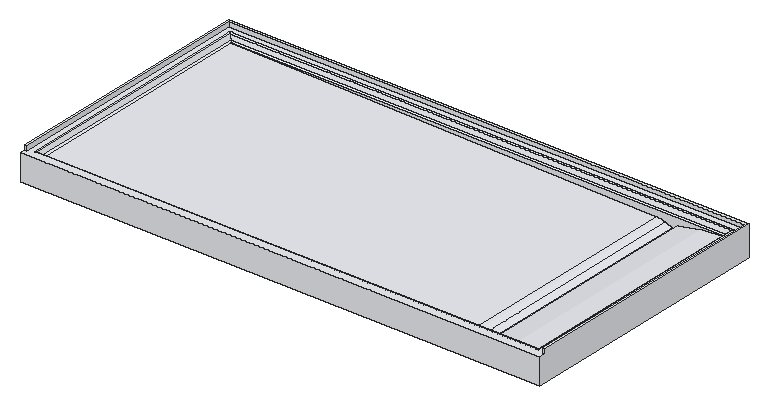
Revit family "Shower_Bases-American_Standard-Townsend-6030SMLHOL_RHOL", category Plumbing Fixtures, Revit 2014
Parameters (values of type "6030SMLHOL")
  Width = 60"  # constant formula
  Weight (kg) = "50.5 Kg. (111 Lbs.)"  # constant formula
  Waste Location = 4"
  Waste Connection Diameter = 3 1/4"  # constant formula
  Waste Connection = yes
  Warranty Information = "Limited Lifetime Warranty"  # constant formula
  WFU = 3
  Vent Connection = no
  URL = "https://www.americanstandard-us.com/"
  L/R = 0.00°
  Drain Line = 5.50476"
  Product Page URL = "https://www.americanstandard-us.com/bathroom/shower-bases/townsend-60-x-30-inch-solid-surface-shower-base-left-drain-33568"
  Product Documentation Link = "https://www.americanstandard-us.com/-/media/sites/asus/files/product-specs/shower-bases/2018/solid-surface-shower-bases/specsheet-6030smlhol--6030smrhol.pdf?la=en"
  Price = "Prices may vary. Please consult Manufacturer Representative for most up-to-date price list."  # constant formula
  Model = "6030SMLHOL"
  Manufacturer = "American Standard"  # constant formula
  Description = "Townsend® 60\" X 30\" Shower Base Solid Surface Left Side Drain"
  Assembly Code = "D2010700"
  Material = "Solid Surface-American Standard-White"
  Length = 30"  # constant formula
  Installation Type = "Floor Mounted"  # constant formula
  HWFU = 1.5
  HW Connection = no
  Finish = Solid Surface-American Standard-White
  Default Elevation = 0"
  Creation Date = "5/11/2018"  # constant formula
  CWFU = 1.5
  CW Connection = no
Types (3): name | Waste Location | L/R | Drain Line | Product Page URL | Model | Description | Assembly Code | CW Connection
  (no name) | 4" | 0.00° | 5.50476" | "https://www.americanstandard-us.com/bathroom/shower-bases/townsend-60-x-30-inch-solid-surface-shower-base-left-drain-33568" | "6030SMLHOL" | "Townsend® 60\" X 30\" Shower Base Solid Surface Left Side Drain" | "D2010700" | no
  6030SMLHOL | 4" | 0.00° | 5.50476" | "https://www.americanstandard-us.com/bathroom/shower-bases/townsend-60-x-30-inch-solid-surface-shower-base-left-drain-33568" | "6030SMLHOL" | "Townsend® 60\" X 30\" Shower Base Solid Surface Left Side Drain" | "D2010700" | no
  6030SMRHOL | 56" | 180.00° | 51.62976" | "https://www.americanstandard-us.com/bathroom/shower-bases/townsend-60x30-inch-solid-surface-shower-base-right-drain-33667" | "6030SMRHOL" | "Townsend® 60\" X 30\" Shower Base Solid Surface Right Side Drain" | "D2010430" | yes
Reference planes
  plane 1 "Center (Front/Back)": y = 0
  plane 2: z = 0
  plane 3 "Center (Left/Right)": x = 0
  plane 4: y = -762
  plane 5: x = 762
  plane 6: x = -762
  plane 7: y = -381
  plane 8: x = 660.4
Forms (mm)
  Sweep 1, solid, material "Solid Surface-American Standard-White" <- "Finish"
    path origin (0, 0, 0) x (1, 0, 0) y (0, 1, 0)
      loop
        line (762, 0) -> (-762, 0) -> (-762, -762) -> (762, -762) -> (762, 0)
    profile origin (0, 0, 0) x (0, -1, 0) y (0, 0, 1)
      loop
        line (0, 0) -> (36.246, 0) -> (36.246, 58.396)
        arc (36.246, 58.396) -> (33.007, 59.433) -> (30.868, 62.078) r 5.937
        line (30.868, 62.078) -> (25.883, 74.23)
        arc (25.883, 74.23) -> (24.714, 75.662) -> (22.945, 76.2) r 3.175
        line (22.945, 76.2) -> (0, 76.2) -> (0, 0)
  Sweep 2, solid, material "Solid Surface-American Standard-White" <- "Finish"
    path origin (0, 0, 76.2) x (1, 0, 0) y (0, 1, 0)
      loop
        line (762, -746.125) -> (762, 0) -> (-762, 0) -> (-762, -746.125)
    profile origin (0, 0, 76.2) x (0, -1, 0) y (0, 0, 1)
      loop
        line (0, 0) -> (6.35, 0) -> (6.35, 12.7) -> (0, 12.7) -> (0, 0)
  Extrusion 3, solid, material "Solid Surface-American Standard-White" <- "Finish"
    sketch origin (-10.315, -381, 0) x (1, 0, 0) y (0, 0, 1)
      loop
        line (-715.439, 0) -> (736.068, 0) -> (736.068, 25.4) -> (588.254, 25.4)
        arc (588.254, 25.4) -> (582.975, 25.901) -> (577.884, 27.388) r 28.039
        line (577.884, 27.388) -> (558.723, 35.015)
        arc (558.723, 35.015) -> (546.173, 38.73) -> (533.159, 40.11) r 71.972
        line (533.159, 40.11) -> (-715.439, 58.396) -> (-715.439, 0)
    from -344.754 to 344.754
  Extrusion 4, solid, material "Solid Surface-American Standard-White" <- "Finish"
    sketch origin (0, -381, 0) x (1, 0, 0) y (0, 0, 1)
      loop
        arc (725.754, 58.396) -> (655.074, 53.054) -> (585.788, 38.1) r 517.235
        line (585.788, 38.1) -> (585.788, 35.515)
        arc (585.788, 35.515) -> (655.074, 50.469) -> (725.754, 55.811) r 517.235
        line (725.754, 55.811) -> (725.754, 58.396)
    from -344.754 to 344.754
  Revolve 5, void
    sketch origin (-28.474, -381, 51.008) x (1, 0, 0) y (0, 0, 1)
      loop
        line (688.838, -15.215) -> (688.838, -61.909) -> (730.113, -61.909) -> (730.113, -15.215) -> (688.838, -15.215)
      axis (688.838, -61.909) -> (688.838, -15.215)
    angle from 0 to 360
  Revolve 6, solid, not visible
    sketch origin (0, -381, 0) x (1, 0, 0) y (0, 0, 1)
      loop
        line (660.4, 0) -> (660.4, -0.794) -> (661.194, -0.794) -> (661.194, 0) -> (660.4, 0)
      axis (660.4, 0) -> (660.4, -1)
    angle from 0 to 360
Cuts and joins
  Revolve 5 cuts Sweep 1
  Revolve 5 cuts Sweep 2
  Revolve 5 cuts Extrusion 3
  Revolve 5 cuts Extrusion 4
  joined: Sweep 1, Sweep 2, Extrusion 3, Extrusion 4
Lines and regions (mm)
  Masking region 1
    outline origin (0, 0, 0) x (1, 0, 0) y (0, 1, 0)
      loop
        line (-762, 0) -> (-762, -762) -> (762, -762) -> (762, 0) -> (-762, 0)
  reference lines
    curve 1: line (0, -381, 0) -> (725.754, -381, 0)
  symbolic lines, detail levels fine
    curve 2: line (-762, -746.125, 0) -> (-755.65, -746.125, 0)
    curve 3: line (-755.65, -746.125, 0) -> (-755.65, -6.35, 0)
    curve 4: line (-755.65, -6.35, 0) -> (755.65, -6.35, 0)
    curve 5: line (755.65, -6.35, 0) -> (755.65, -746.125, 0)
    curve 6: line (762, -746.125, 0) -> (755.65, -746.125, 0)
    curve 11: line (-725.754, -725.754, 0) -> (725.608, -725.754, 0)
    curve 12: line (-725.754, -36.246, 0) -> (-725.754, -725.754, 0)
    curve 13: line (725.608, -36.246, 0) -> (-725.754, -36.246, 0)
    curve 14: line (725.608, -725.754, 0) -> (725.608, -36.246, 0)
    curve 15: line (585.787, -725.754, 0) -> (585.787, -36.246, 0)
  symbolic lines, detail levels medium+fine
    curve 7: line (-739.054, -739.054, 0) -> (739.054, -739.054, 0)
    curve 8: line (-739.054, -22.946, 0) -> (-739.054, -739.054, 0)
    curve 9: line (739.054, -22.946, 0) -> (-739.054, -22.946, 0)
    curve 10: line (739.054, -739.054, 0) -> (739.054, -22.946, 0)
Dimensions and locks
  equal spacing: plane 6, plane 3 "Center (Left/Right)", plane 5
  plane 6 to plane 5 = 60"
  plane 4 to plane 1 "Center (Front/Back)" = 30"
  Revolve 6 sketch curve to Revolve 6 sketch curve = 1/32"
  "Waste Location": plane 8 to plane 5
  "Drain Line": curve 15 to curve 14
  "L/R": angle plane 7 to curve 1
  aligned and locked: Sweep 1 sketch curve to plane 4
  aligned and locked: Sweep 2 sketch curve to profile plane
  aligned and locked: profile plane to Sweep 2 sketch curve
  aligned and locked: profile plane to Sweep 1 sketch curve
  aligned and locked: plane 1 "Center (Front/Back)" to Sweep 1 sketch curve
  aligned and locked: Revolve 6 sketch curve to plane 8  (x2)
  aligned and locked: curve 2 to cut or joined group of Sweep 1, Sweep 2, Extrusion 3, Extrusion 4, Revolve 5
  aligned and locked: curve 3 to cut or joined group of Sweep 1, Sweep 2, Extrusion 3, Extrusion 4, Revolve 5
  aligned and locked: curve 4 to cut or joined group of Sweep 1, Sweep 2, Extrusion 3, Extrusion 4, Revolve 5
  aligned and locked: curve 5 to cut or joined group of Sweep 1, Sweep 2, Extrusion 3, Extrusion 4, Revolve 5
  aligned and locked: curve 6 to cut or joined group of Sweep 1, Sweep 2, Extrusion 3, Extrusion 4, Revolve 5
  aligned and locked: Masking region 1 sketch curve to cut or joined group of Sweep 1, Sweep 2, Extrusion 3, Extrusion 4, Revolve 5  (x4)
Automatic sketch dimensions
  plane 1 "Center (Front/Back)" to Sweep 1 sketch curve = 0"
  Sweep 1 sketch curve to plane 6 = 0"
  Sweep 1 sketch curve to plane 5 = 0"
  Sweep 1 sketch curve to profile plane = 0.90335"
  Sweep 1 sketch curve to Sweep 1 sketch curve = 0.11565"
  Sweep 1 sketch curve to Sweep 1 sketch curve = 0.19627"
  Sweep 1 sketch curve to Sweep 1 sketch curve = 0.21176"
  Sweep 1 sketch curve to Sweep 1 sketch curve = 0.00449"
  Sweep 1 sketch curve to Sweep 1 sketch curve = 2.29905"
  Sweep 1 sketch curve to Sweep 1 sketch curve = 0.14498"
  Sweep 1 sketch curve to Sweep 1 sketch curve = 0.43097"
  Sweep 1 sketch curve to Sweep 1 sketch curve = 0.04744"
  plane 1 "Center (Front/Back)" to Sweep 2 sketch curve = 0"
  Sweep 2 sketch curve to plane 6 = 0"
  Sweep 2 sketch curve to plane 5 = 0"
  Sweep 2 sketch curve to plane 4 = 5/8"  (x2)
  Sweep 2 sketch curve to profile plane = 1/4"
  Sweep 2 sketch curve to Sweep 2 sketch curve = 1/2"
  Extrusion 4 sketch curve to curve 1 = 0"
  curve 1 to Extrusion 4 sketch curve = 2.19728"
  curve 1 to Extrusion 4 sketch curve = 2.29905"
  Extrusion 4 sketch curve to curve 1 = 5.51047"
  curve 1 to Extrusion 4 sketch curve = 0.13959"
  Extrusion 4 sketch curve to Extrusion 4 sketch curve = 0"
  Extrusion 4 sketch curve to curve 1 = 1 1/2"
  Extrusion 4 sketch curve to Extrusion 4 sketch curve = 0.10177"
  Revolve 5 sketch curve to curve 1 = 1.40921"
  Revolve 5 sketch curve to curve 1 = 2.57439"
  curve 1 to Revolve 5 sketch curve = 0.42916"
  Revolve 5 sketch curve to curve 1 = 0.94939"
  Revolve 5 sketch curve to Revolve 5 sketch curve = 0"
  Revolve 5 sketch curve to Revolve 5 sketch curve = 1.09266"
  Revolve 5 sketch curve to Revolve 5 sketch curve = 0.17529"
  Extrusion 3 sketch curve to curve 1 = 0"  (x2)
  curve 1 to Extrusion 3 sketch curve = 1"
  Extrusion 3 sketch curve to curve 1 = 5.81946"
  Extrusion 3 sketch curve to curve 1 = 1.07827"
  Extrusion 3 sketch curve to Extrusion 3 sketch curve = 0.40825"
  Extrusion 3 sketch curve to curve 1 = 1.37856"
  Extrusion 3 sketch curve to Extrusion 3 sketch curve = 0.7544"
  Extrusion 3 sketch curve to curve 1 = 1.57915"
  Extrusion 3 sketch curve to Extrusion 3 sketch curve = 1.00644"
  curve 1 to Extrusion 3 sketch curve = 1.25409"
  Extrusion 3 sketch curve to curve 1 = 28.57297"
  Extrusion 3 sketch curve to Extrusion 3 sketch curve = 2.29905"
  curve 2 to plane 6 = 0"
  curve 6 to plane 5 = 0"
  plane 6 to curve 8 = 0.90339"
  curve 8 to curve 12 = 0.52363"
  curve 14 to curve 5 = 1.18274"
  curve 13 to curve 10 = 0.52935"
  curve 2 to curve 8 = 0.27837"
  curve 7 to curve 12 = 0.52365"
  plane 1 "Center (Front/Back)" to curve 14 = 1.42703"
  curve 12 to curve 9 = 0.52365"
  curve 1 to plane 3 "Center (Left/Right)" = 0"
  plane 7 to curve 1 = 0"
  Revolve 6 sketch curve to curve 1 = 0"
  curve 1 to Revolve 6 sketch curve = 1/32"
  Revolve 6 sketch curve to Revolve 6 sketch curve = 0.06758"
  Revolve 6 sketch curve to Revolve 6 sketch curve = 0.10805"
Connectors
  piping at (660.4, -381, -0.794), diameter 82.55, driven by "Waste Connection Diameter", driven by "WFU"
    settings: on Revolve 6, index 1, connector inside diameter 24", connector length 0", flow factor 0, pipe flow 0 GPM, pressure drop 0.00 psi, fitting loss kfactor 0, connector angle 0.00°, fixture units 3, engagement length 0", angle of deflection 0.00°, flow configuration 3, flow direction 2, fitting loss method 0, system type 16, joint type 0, gender type 0, connector reference index -1, connector utility 0, adjustable connector no, is connector primary yes, connector description "3 1/4\" Waste Connection Outlet"
